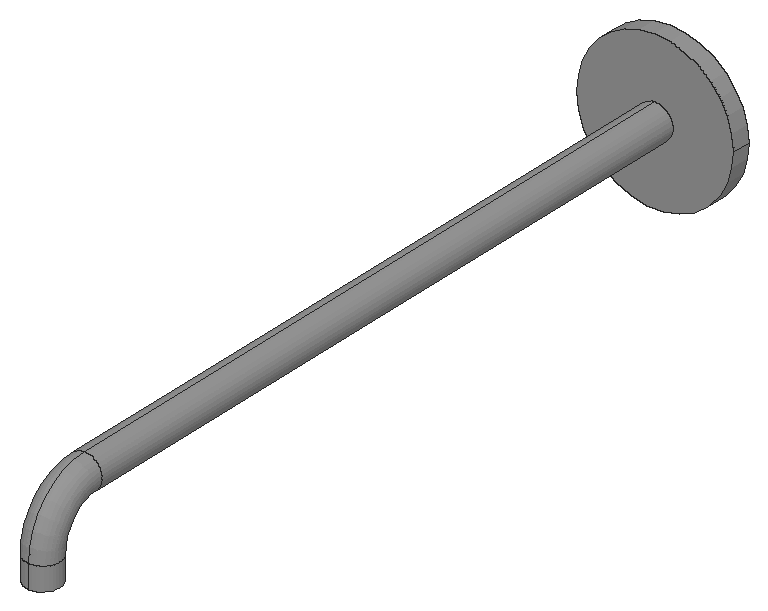
Revit family "KEUCO_51688010300", category Sonderausstattung, Revit 2016
Family settings
  Teiletyp = Normal
  Bemaßung runder Anschluss = Durchmesser verwenden
  OmniClass-Nummer = 23.45.05.00
  Arbeitsebenenbasiert = Nein
  Immer vertikal = Ja
  Beim Laden mit Abzugskörper schneiden = Nein
  Gemeinsam genutzt = Nein
  Raumberechnungspunkt = Nein
Parameters (values of type "51688010400")
  Verwendung = "DU / WA"  # constant formula
  URL = "https://www.keuco.com/de/produkte/sortiment/artikel/?pid=51688&oid=9&pgo=1&country=de&lang=de&vid=51688010400"
  Preisgruppe = "1"  # constant formula
  Material Wasserhahn [instance] = Stahl, verchromt
  Serie = "Elegance"  # constant formula
  Materialien bei Hersteller anfragen = "Anfrage zu:  objektmanagement@keuco.de"
  Kategorie = "ARM"  # constant formula
  Hersteller = "KEUCO"  # constant formula
  Gewicht = 1.37
  Beschreibung = "für Wandanschluß G 1/2, mit runder Rosette,\r\nMöglichkeit der Ausrichtung zur Wand (90° ± 2°) und\r\nzum Wandanschluß (90° ± 5°)"
  Ausschreibungstext = "KEUCO Brausearm für Wandanschluss 51688010400 \r\nHochglanzverchromter Brausearm für Wandanschluss\r\nG 1/2 Zoll, mit runder Rosette, \r\nDurchmesser der Rosette 80 mm,\r\nMöglichkeit zur Ausrichtung zur Wand (90° ± 2°) und \r\nzum Wandanschluss (90° ± 5°),\r\nGesamtausladung:462 mm\r\n\r\nHinweis:\r\nPassende UP Funktionseinheit\r\n59547000170"
  Artikelnummer = "51688010400"
  Armelänge = 450 mm
  KnopfUnten = yes
  ViereckBase = no
  KreisBase = yes
Types (2, lengths in mm): name | URL | Materialien bei Hersteller anfragen | Ausschreibungstext | Artikelnummer | Armelänge
  51688010400 | "https://www.keuco.com/de/produkte/sortiment/artikel/?pid=51688&oid=9&pgo=1&country=de&lang=de&vid=51688010400" | "Anfrage zu:  objektmanagement@keuco.de" | "KEUCO Brausearm für Wandanschluss 51688010400 \r\nHochglanzverchromter Brausearm für Wandanschluss\r\nG 1/2 Zoll, mit runder Rosette, \r\nDurchmesser der Rosette 80 mm,\r\nMöglichkeit zur Ausrichtung zur Wand (90° ± 2°) und \r\nzum Wandanschluss (90° ± 5°),\r\nGesamtausladung:462 mm\r\n\r\nHinweis:\r\nPassende UP Funktionseinheit\r\n59547000170" | "51688010400" | 450
  51688010300 | "https://www.keuco.com/de/produkte/sortiment/artikel/?pid=51688&oid=9&pgo=1&country=de&lang=de&vid=51688010300" | "Request to:  objektmanagement@keuco.de" | "KEUCO Brausearm für Wandanschluss 51688010300 \r\nHochglanzverchromter Brausearm für Wandanschluss\r\nG 1/2 Zoll, mit runder Rosette, \r\nDurchmesser der Rosette 80 mm,\r\nMöglichkeit zur Ausrichtung zur Wand (90° ± 2°) und \r\nzum Wandanschluss (90° ± 5°),\r\nGesamtausladung:312 mm\r\n\r\nHinweis:\r\nPassende UP Funktionseinheit\r\n59547000170" | "51688010300" | 300
Reference planes
  plane 1 "Center (Front/Back)": y = 0
  plane 2: z = 0
  plane 3 "Center (Left/Right)": x = 0
  plane 4: y = -450
  plane 5: z = -43.174
Forms (mm)
  Extrusion 1, solid, material "Stahl, verchromt" <- "Material Wasserhahn"
    sketch origin (0, 0, 0) x (1, 0, 0) y (0, 0, 1)
      loop
        circle (0, 0) r 45
    from 0 to 10.491
  Sweep 2, solid, material "Stahl, verchromt" <- "Material Wasserhahn"
    path origin (0, 0, 0) x (0, 1, 0) y (0, 0, 1)
      loop
        line (-10.491, 0) -> (-420, 0)
        arc (-420, 0) -> (-441.213, -8.787) -> (-450, -30) r 30
        line (-450, -30) -> (-450, -43.174)
    profile origin (0, -215.246, 0) x (0, 0, -1) y (1, 0, 0)
      loop
        circle (0, 0) r 10
Dimensions and locks
  locked: plane 1 "Center (Front/Back)" to Extrusion 1 at 10.491
  "Armelänge": plane 1 "Center (Front/Back)" to plane 4
  level to plane 5 = 43.174 mm
  radius of Sweep 2 sketch curve = 30 mm
  aligned and locked: level to plane 2
  aligned and locked: Sweep 2 sketch curve to plane 4
  aligned and locked: Sweep 2 sketch curve to level
  aligned and locked: Extrusion 1 to Sweep 2 sketch curve
Automatic sketch dimensions
  Extrusion 1 sketch curve to level = 0 mm
  Extrusion 1 sketch curve to plane 3 "Center (Left/Right)" = 0 mm
  plane 5 to Sweep 2 sketch curve = 0 mm
  Sweep 2 sketch curve to plane 3 "Center (Left/Right)" = 0 mm
  Sweep 2 sketch curve to profile plane = 0 mm
  radius of Extrusion 1 sketch curve = 45 mm
  radius of Sweep 2 sketch curve = 10 mm
